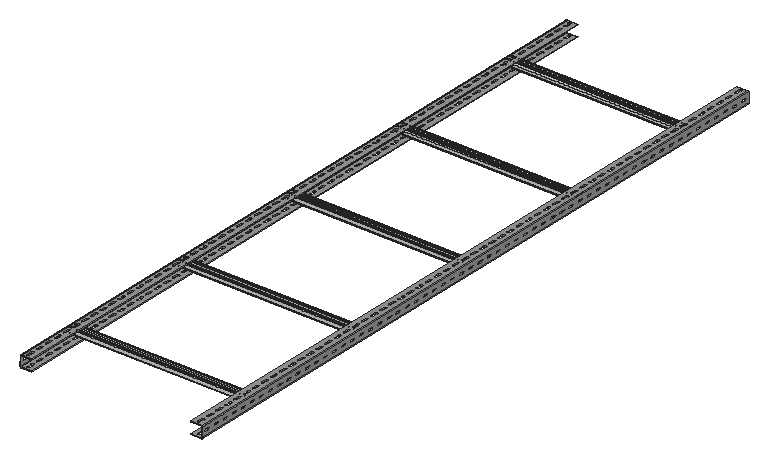
Revit family "steigeleiter_8_FT_FTSO_FTK_A2_A4.800rfa", category Generic Models, Revit 2017 (continued)
Forms (mm)
  Extrusion 150, void
    sketch origin (0, 1400, 0) x (1, 0, 0) y (0, 1, 0)
      loop
        arc (-380.5, 15.5) -> (-375, 10) -> (-369.5, 15.5) r 5.5
        line (-369.5, 15.5) -> (-369.5, 34.5)
        arc (-369.5, 34.5) -> (-375, 40) -> (-380.5, 34.5) r 5.5
        line (-380.5, 34.5) -> (-380.5, 15.5)
    from 0 to 2.5
  Extrusion 151, void
    sketch origin (0, 1450, 0) x (1, 0, 0) y (0, 1, 0)
      loop
        arc (-380.5, 15.5) -> (-375, 10) -> (-369.5, 15.5) r 5.5
        line (-369.5, 15.5) -> (-369.5, 34.5)
        arc (-369.5, 34.5) -> (-375, 40) -> (-380.5, 34.5) r 5.5
        line (-380.5, 34.5) -> (-380.5, 15.5)
    from 0 to 2.5
  Extrusion 152, void
    sketch origin (0, 1500, 0) x (1, 0, 0) y (0, 1, 0)
      loop
        arc (-380.5, 15.5) -> (-375, 10) -> (-369.5, 15.5) r 5.5
        line (-369.5, 15.5) -> (-369.5, 34.5)
        arc (-369.5, 34.5) -> (-375, 40) -> (-380.5, 34.5) r 5.5
        line (-380.5, 34.5) -> (-380.5, 15.5)
    from 0 to 2.5
  Extrusion 153, void
    sketch origin (0, 1550, 0) x (1, 0, 0) y (0, 1, 0)
      loop
        arc (-380.5, 15.5) -> (-375, 10) -> (-369.5, 15.5) r 5.5
        line (-369.5, 15.5) -> (-369.5, 34.5)
        arc (-369.5, 34.5) -> (-375, 40) -> (-380.5, 34.5) r 5.5
        line (-380.5, 34.5) -> (-380.5, 15.5)
    from 0 to 2.5
  Extrusion 154, void
    sketch origin (0, 1600, 0) x (1, 0, 0) y (0, 1, 0)
      loop
        arc (-380.5, 15.5) -> (-375, 10) -> (-369.5, 15.5) r 5.5
        line (-369.5, 15.5) -> (-369.5, 34.5)
        arc (-369.5, 34.5) -> (-375, 40) -> (-380.5, 34.5) r 5.5
        line (-380.5, 34.5) -> (-380.5, 15.5)
    from 0 to 2.5
  Extrusion 155, void
    sketch origin (0, 1650, 0) x (1, 0, 0) y (0, 1, 0)
      loop
        arc (-380.5, 15.5) -> (-375, 10) -> (-369.5, 15.5) r 5.5
        line (-369.5, 15.5) -> (-369.5, 34.5)
        arc (-369.5, 34.5) -> (-375, 40) -> (-380.5, 34.5) r 5.5
        line (-380.5, 34.5) -> (-380.5, 15.5)
    from 0 to 2.5
  Extrusion 156, void
    sketch origin (0, 1700, 0) x (1, 0, 0) y (0, 1, 0)
      loop
        arc (-380.5, 15.5) -> (-375, 10) -> (-369.5, 15.5) r 5.5
        line (-369.5, 15.5) -> (-369.5, 34.5)
        arc (-369.5, 34.5) -> (-375, 40) -> (-380.5, 34.5) r 5.5
        line (-380.5, 34.5) -> (-380.5, 15.5)
    from 0 to 2.5
  Extrusion 157, void
    sketch origin (0, 1750, 0) x (1, 0, 0) y (0, 1, 0)
      loop
        arc (-380.5, 15.5) -> (-375, 10) -> (-369.5, 15.5) r 5.5
        line (-369.5, 15.5) -> (-369.5, 34.5)
        arc (-369.5, 34.5) -> (-375, 40) -> (-380.5, 34.5) r 5.5
        line (-380.5, 34.5) -> (-380.5, 15.5)
    from 0 to 2.5
  Extrusion 158, void
    sketch origin (0, 1800, 0) x (1, 0, 0) y (0, 1, 0)
      loop
        arc (-380.5, 15.5) -> (-375, 10) -> (-369.5, 15.5) r 5.5
        line (-369.5, 15.5) -> (-369.5, 34.5)
        arc (-369.5, 34.5) -> (-375, 40) -> (-380.5, 34.5) r 5.5
        line (-380.5, 34.5) -> (-380.5, 15.5)
    from 0 to 2.5
  Extrusion 159, void
    sketch origin (0, 1850, 0) x (1, 0, 0) y (0, 1, 0)
      loop
        arc (-380.5, 15.5) -> (-375, 10) -> (-369.5, 15.5) r 5.5
        line (-369.5, 15.5) -> (-369.5, 34.5)
        arc (-369.5, 34.5) -> (-375, 40) -> (-380.5, 34.5) r 5.5
        line (-380.5, 34.5) -> (-380.5, 15.5)
    from 0 to 2.5
  Extrusion 160, void
    sketch origin (0, 1900, 0) x (1, 0, 0) y (0, 1, 0)
      loop
        arc (-380.5, 15.5) -> (-375, 10) -> (-369.5, 15.5) r 5.5
        line (-369.5, 15.5) -> (-369.5, 34.5)
        arc (-369.5, 34.5) -> (-375, 40) -> (-380.5, 34.5) r 5.5
        line (-380.5, 34.5) -> (-380.5, 15.5)
    from 0 to 2.5
  Extrusion 161, void
    sketch origin (0, 1950, 0) x (1, 0, 0) y (0, 1, 0)
      loop
        arc (-380.5, 15.5) -> (-375, 10) -> (-369.5, 15.5) r 5.5
        line (-369.5, 15.5) -> (-369.5, 34.5)
        arc (-369.5, 34.5) -> (-375, 40) -> (-380.5, 34.5) r 5.5
        line (-380.5, 34.5) -> (-380.5, 15.5)
    from 0 to 2.5
  Extrusion 162, void
    sketch origin (0, 2000, 0) x (1, 0, 0) y (0, 1, 0)
      loop
        arc (-380.5, 15.5) -> (-375, 10) -> (-369.5, 15.5) r 5.5
        line (-369.5, 15.5) -> (-369.5, 34.5)
        arc (-369.5, 34.5) -> (-375, 40) -> (-380.5, 34.5) r 5.5
        line (-380.5, 34.5) -> (-380.5, 15.5)
    from 0 to 2.5
  Extrusion 163, void
    sketch origin (0, 2050, 0) x (1, 0, 0) y (0, 1, 0)
      loop
        arc (-380.5, 15.5) -> (-375, 10) -> (-369.5, 15.5) r 5.5
        line (-369.5, 15.5) -> (-369.5, 34.5)
        arc (-369.5, 34.5) -> (-375, 40) -> (-380.5, 34.5) r 5.5
        line (-380.5, 34.5) -> (-380.5, 15.5)
    from 0 to 2.5
  Extrusion 164, void
    sketch origin (0, 2100, 0) x (1, 0, 0) y (0, 1, 0)
      loop
        arc (-380.5, 15.5) -> (-375, 10) -> (-369.5, 15.5) r 5.5
        line (-369.5, 15.5) -> (-369.5, 34.5)
        arc (-369.5, 34.5) -> (-375, 40) -> (-380.5, 34.5) r 5.5
        line (-380.5, 34.5) -> (-380.5, 15.5)
    from 0 to 2.5
  Extrusion 165, void
    sketch origin (0, 2150, 0) x (1, 0, 0) y (0, 1, 0)
      loop
        arc (-380.5, 15.5) -> (-375, 10) -> (-369.5, 15.5) r 5.5
        line (-369.5, 15.5) -> (-369.5, 34.5)
        arc (-369.5, 34.5) -> (-375, 40) -> (-380.5, 34.5) r 5.5
        line (-380.5, 34.5) -> (-380.5, 15.5)
    from 0 to 2.5
  Extrusion 166, void
    sketch origin (0, 2200, 0) x (1, 0, 0) y (0, 1, 0)
      loop
        arc (-380.5, 15.5) -> (-375, 10) -> (-369.5, 15.5) r 5.5
        line (-369.5, 15.5) -> (-369.5, 34.5)
        arc (-369.5, 34.5) -> (-375, 40) -> (-380.5, 34.5) r 5.5
        line (-380.5, 34.5) -> (-380.5, 15.5)
    from 0 to 2.5
  Extrusion 167, void
    sketch origin (0, 2250, 0) x (1, 0, 0) y (0, 1, 0)
      loop
        arc (-380.5, 15.5) -> (-375, 10) -> (-369.5, 15.5) r 5.5
        line (-369.5, 15.5) -> (-369.5, 34.5)
        arc (-369.5, 34.5) -> (-375, 40) -> (-380.5, 34.5) r 5.5
        line (-380.5, 34.5) -> (-380.5, 15.5)
    from 0 to 2.5
  Extrusion 168, void
    sketch origin (0, 2300, 0) x (1, 0, 0) y (0, 1, 0)
      loop
        arc (-380.5, 15.5) -> (-375, 10) -> (-369.5, 15.5) r 5.5
        line (-369.5, 15.5) -> (-369.5, 34.5)
        arc (-369.5, 34.5) -> (-375, 40) -> (-380.5, 34.5) r 5.5
        line (-380.5, 34.5) -> (-380.5, 15.5)
    from 0 to 2.5
  Extrusion 169, void
    sketch origin (0, 2350, 0) x (1, 0, 0) y (0, 1, 0)
      loop
        arc (-380.5, 15.5) -> (-375, 10) -> (-369.5, 15.5) r 5.5
        line (-369.5, 15.5) -> (-369.5, 34.5)
        arc (-369.5, 34.5) -> (-375, 40) -> (-380.5, 34.5) r 5.5
        line (-380.5, 34.5) -> (-380.5, 15.5)
    from 0 to 2.5
  Extrusion 170, void
    sketch origin (0, 2400, 0) x (1, 0, 0) y (0, 1, 0)
      loop
        arc (-380.5, 15.5) -> (-375, 10) -> (-369.5, 15.5) r 5.5
        line (-369.5, 15.5) -> (-369.5, 34.5)
        arc (-369.5, 34.5) -> (-375, 40) -> (-380.5, 34.5) r 5.5
        line (-380.5, 34.5) -> (-380.5, 15.5)
    from 0 to 2.5
  Extrusion 171, void
    sketch origin (0, 2450, 0) x (1, 0, 0) y (0, 1, 0)
      loop
        arc (-380.5, 15.5) -> (-375, 10) -> (-369.5, 15.5) r 5.5
        line (-369.5, 15.5) -> (-369.5, 34.5)
        arc (-369.5, 34.5) -> (-375, 40) -> (-380.5, 34.5) r 5.5
        line (-380.5, 34.5) -> (-380.5, 15.5)
    from 0 to 2.5
  Extrusion 172, void
    sketch origin (0, 2500, 0) x (1, 0, 0) y (0, 1, 0)
      loop
        arc (-380.5, 15.5) -> (-375, 10) -> (-369.5, 15.5) r 5.5
        line (-369.5, 15.5) -> (-369.5, 34.5)
        arc (-369.5, 34.5) -> (-375, 40) -> (-380.5, 34.5) r 5.5
        line (-380.5, 34.5) -> (-380.5, 15.5)
    from 0 to 2.5
  Extrusion 173, void
    sketch origin (0, 2550, 0) x (1, 0, 0) y (0, 1, 0)
      loop
        arc (-380.5, 15.5) -> (-375, 10) -> (-369.5, 15.5) r 5.5
        line (-369.5, 15.5) -> (-369.5, 34.5)
        arc (-369.5, 34.5) -> (-375, 40) -> (-380.5, 34.5) r 5.5
        line (-380.5, 34.5) -> (-380.5, 15.5)
    from 0 to 2.5
  Extrusion 174, void
    sketch origin (0, 2600, 0) x (1, 0, 0) y (0, 1, 0)
      loop
        arc (-380.5, 15.5) -> (-375, 10) -> (-369.5, 15.5) r 5.5
        line (-369.5, 15.5) -> (-369.5, 34.5)
        arc (-369.5, 34.5) -> (-375, 40) -> (-380.5, 34.5) r 5.5
        line (-380.5, 34.5) -> (-380.5, 15.5)
    from 0 to 2.5
  Extrusion 175, void
    sketch origin (0, 2650, 0) x (1, 0, 0) y (0, 1, 0)
      loop
        arc (-380.5, 15.5) -> (-375, 10) -> (-369.5, 15.5) r 5.5
        line (-369.5, 15.5) -> (-369.5, 34.5)
        arc (-369.5, 34.5) -> (-375, 40) -> (-380.5, 34.5) r 5.5
        line (-380.5, 34.5) -> (-380.5, 15.5)
    from 0 to 2.5
  Extrusion 176, void
    sketch origin (0, 2700, 0) x (1, 0, 0) y (0, 1, 0)
      loop
        arc (-380.5, 15.5) -> (-375, 10) -> (-369.5, 15.5) r 5.5
        line (-369.5, 15.5) -> (-369.5, 34.5)
        arc (-369.5, 34.5) -> (-375, 40) -> (-380.5, 34.5) r 5.5
        line (-380.5, 34.5) -> (-380.5, 15.5)
    from 0 to 2.5
  Extrusion 177, void
    sketch origin (0, 2750, 0) x (1, 0, 0) y (0, 1, 0)
      loop
        arc (-380.5, 15.5) -> (-375, 10) -> (-369.5, 15.5) r 5.5
        line (-369.5, 15.5) -> (-369.5, 34.5)
        arc (-369.5, 34.5) -> (-375, 40) -> (-380.5, 34.5) r 5.5
        line (-380.5, 34.5) -> (-380.5, 15.5)
    from 0 to 2.5
  Extrusion 178, void
    sketch origin (0, 2800, 0) x (1, 0, 0) y (0, 1, 0)
      loop
        arc (-380.5, 15.5) -> (-375, 10) -> (-369.5, 15.5) r 5.5
        line (-369.5, 15.5) -> (-369.5, 34.5)
        arc (-369.5, 34.5) -> (-375, 40) -> (-380.5, 34.5) r 5.5
        line (-380.5, 34.5) -> (-380.5, 15.5)
    from 0 to 2.5
  Extrusion 179, void
    sketch origin (0, 2850, 0) x (1, 0, 0) y (0, 1, 0)
      loop
        arc (-380.5, 15.5) -> (-375, 10) -> (-369.5, 15.5) r 5.5
        line (-369.5, 15.5) -> (-369.5, 34.5)
        arc (-369.5, 34.5) -> (-375, 40) -> (-380.5, 34.5) r 5.5
        line (-380.5, 34.5) -> (-380.5, 15.5)
    from 0 to 2.5
  Extrusion 180, void
    sketch origin (0, 2900, 0) x (1, 0, 0) y (0, 1, 0)
      loop
        arc (-380.5, 15.5) -> (-375, 10) -> (-369.5, 15.5) r 5.5
        line (-369.5, 15.5) -> (-369.5, 34.5)
        arc (-369.5, 34.5) -> (-375, 40) -> (-380.5, 34.5) r 5.5
        line (-380.5, 34.5) -> (-380.5, 15.5)
    from 0 to 2.5
  Extrusion 181, void
    sketch origin (0, 2950, 0) x (1, 0, 0) y (0, 1, 0)
      loop
        arc (-380.5, 15.5) -> (-375, 10) -> (-369.5, 15.5) r 5.5
        line (-369.5, 15.5) -> (-369.5, 34.5)
        arc (-369.5, 34.5) -> (-375, 40) -> (-380.5, 34.5) r 5.5
        line (-380.5, 34.5) -> (-380.5, 15.5)
    from 0 to 2.5
  Extrusion 182, void
    sketch origin (0, 0, 0) x (1, 0, 0) y (0, 1, 0)
      loop
        arc (369.5, 15.5) -> (375, 10) -> (380.5, 15.5) r 5.5
        line (380.5, 15.5) -> (380.5, 34.5)
        arc (380.5, 34.5) -> (375, 40) -> (369.5, 34.5) r 5.5
        line (369.5, 34.5) -> (369.5, 15.5)
    from 0 to 2.5
  Extrusion 183, void
    sketch origin (0, 50, 0) x (1, 0, 0) y (0, 1, 0)
      loop
        arc (369.5, 15.5) -> (375, 10) -> (380.5, 15.5) r 5.5
        line (380.5, 15.5) -> (380.5, 34.5)
        arc (380.5, 34.5) -> (375, 40) -> (369.5, 34.5) r 5.5
        line (369.5, 34.5) -> (369.5, 15.5)
    from 0 to 2.5
  Extrusion 184, void
    sketch origin (0, 100, 0) x (1, 0, 0) y (0, 1, 0)
      loop
        arc (369.5, 15.5) -> (375, 10) -> (380.5, 15.5) r 5.5
        line (380.5, 15.5) -> (380.5, 34.5)
        arc (380.5, 34.5) -> (375, 40) -> (369.5, 34.5) r 5.5
        line (369.5, 34.5) -> (369.5, 15.5)
    from 0 to 2.5
  Extrusion 185, void
    sketch origin (0, 150, 0) x (1, 0, 0) y (0, 1, 0)
      loop
        arc (369.5, 15.5) -> (375, 10) -> (380.5, 15.5) r 5.5
        line (380.5, 15.5) -> (380.5, 34.5)
        arc (380.5, 34.5) -> (375, 40) -> (369.5, 34.5) r 5.5
        line (369.5, 34.5) -> (369.5, 15.5)
    from 0 to 2.5
  Extrusion 186, void
    sketch origin (0, 200, 0) x (1, 0, 0) y (0, 1, 0)
      loop
        arc (369.5, 15.5) -> (375, 10) -> (380.5, 15.5) r 5.5
        line (380.5, 15.5) -> (380.5, 34.5)
        arc (380.5, 34.5) -> (375, 40) -> (369.5, 34.5) r 5.5
        line (369.5, 34.5) -> (369.5, 15.5)
    from 0 to 2.5
  Extrusion 187, void
    sketch origin (0, 250, 0) x (1, 0, 0) y (0, 1, 0)
      loop
        arc (369.5, 15.5) -> (375, 10) -> (380.5, 15.5) r 5.5
        line (380.5, 15.5) -> (380.5, 34.5)
        arc (380.5, 34.5) -> (375, 40) -> (369.5, 34.5) r 5.5
        line (369.5, 34.5) -> (369.5, 15.5)
    from 0 to 2.5
  Extrusion 188, void
    sketch origin (0, 300, 0) x (1, 0, 0) y (0, 1, 0)
      loop
        arc (369.5, 15.5) -> (375, 10) -> (380.5, 15.5) r 5.5
        line (380.5, 15.5) -> (380.5, 34.5)
        arc (380.5, 34.5) -> (375, 40) -> (369.5, 34.5) r 5.5
        line (369.5, 34.5) -> (369.5, 15.5)
    from 0 to 2.5
  Extrusion 189, void
    sketch origin (0, 350, 0) x (1, 0, 0) y (0, 1, 0)
      loop
        arc (369.5, 15.5) -> (375, 10) -> (380.5, 15.5) r 5.5
        line (380.5, 15.5) -> (380.5, 34.5)
        arc (380.5, 34.5) -> (375, 40) -> (369.5, 34.5) r 5.5
        line (369.5, 34.5) -> (369.5, 15.5)
    from 0 to 2.5
  Extrusion 190, void
    sketch origin (0, 400, 0) x (1, 0, 0) y (0, 1, 0)
      loop
        arc (369.5, 15.5) -> (375, 10) -> (380.5, 15.5) r 5.5
        line (380.5, 15.5) -> (380.5, 34.5)
        arc (380.5, 34.5) -> (375, 40) -> (369.5, 34.5) r 5.5
        line (369.5, 34.5) -> (369.5, 15.5)
    from 0 to 2.5
  Extrusion 191, void
    sketch origin (0, 450, 0) x (1, 0, 0) y (0, 1, 0)
      loop
        arc (369.5, 15.5) -> (375, 10) -> (380.5, 15.5) r 5.5
        line (380.5, 15.5) -> (380.5, 34.5)
        arc (380.5, 34.5) -> (375, 40) -> (369.5, 34.5) r 5.5
        line (369.5, 34.5) -> (369.5, 15.5)
    from 0 to 2.5
  Extrusion 192, void
    sketch origin (0, 500, 0) x (1, 0, 0) y (0, 1, 0)
      loop
        arc (369.5, 15.5) -> (375, 10) -> (380.5, 15.5) r 5.5
        line (380.5, 15.5) -> (380.5, 34.5)
        arc (380.5, 34.5) -> (375, 40) -> (369.5, 34.5) r 5.5
        line (369.5, 34.5) -> (369.5, 15.5)
    from 0 to 2.5
  Extrusion 193, void
    sketch origin (0, 550, 0) x (1, 0, 0) y (0, 1, 0)
      loop
        arc (369.5, 15.5) -> (375, 10) -> (380.5, 15.5) r 5.5
        line (380.5, 15.5) -> (380.5, 34.5)
        arc (380.5, 34.5) -> (375, 40) -> (369.5, 34.5) r 5.5
        line (369.5, 34.5) -> (369.5, 15.5)
    from 0 to 2.5
  Extrusion 194, void
    sketch origin (0, 600, 0) x (1, 0, 0) y (0, 1, 0)
      loop
        arc (369.5, 15.5) -> (375, 10) -> (380.5, 15.5) r 5.5
        line (380.5, 15.5) -> (380.5, 34.5)
        arc (380.5, 34.5) -> (375, 40) -> (369.5, 34.5) r 5.5
        line (369.5, 34.5) -> (369.5, 15.5)
    from 0 to 2.5
  Extrusion 195, void
    sketch origin (0, 650, 0) x (1, 0, 0) y (0, 1, 0)
      loop
        arc (369.5, 15.5) -> (375, 10) -> (380.5, 15.5) r 5.5
        line (380.5, 15.5) -> (380.5, 34.5)
        arc (380.5, 34.5) -> (375, 40) -> (369.5, 34.5) r 5.5
        line (369.5, 34.5) -> (369.5, 15.5)
    from 0 to 2.5
  Extrusion 196, void
    sketch origin (0, 700, 0) x (1, 0, 0) y (0, 1, 0)
      loop
        arc (369.5, 15.5) -> (375, 10) -> (380.5, 15.5) r 5.5
        line (380.5, 15.5) -> (380.5, 34.5)
        arc (380.5, 34.5) -> (375, 40) -> (369.5, 34.5) r 5.5
        line (369.5, 34.5) -> (369.5, 15.5)
    from 0 to 2.5
  Extrusion 197, void
    sketch origin (0, 750, 0) x (1, 0, 0) y (0, 1, 0)
      loop
        arc (369.5, 15.5) -> (375, 10) -> (380.5, 15.5) r 5.5
        line (380.5, 15.5) -> (380.5, 34.5)
        arc (380.5, 34.5) -> (375, 40) -> (369.5, 34.5) r 5.5
        line (369.5, 34.5) -> (369.5, 15.5)
    from 0 to 2.5
  Extrusion 198, void
    sketch origin (0, 800, 0) x (1, 0, 0) y (0, 1, 0)
      loop
        arc (369.5, 15.5) -> (375, 10) -> (380.5, 15.5) r 5.5
        line (380.5, 15.5) -> (380.5, 34.5)
        arc (380.5, 34.5) -> (375, 40) -> (369.5, 34.5) r 5.5
        line (369.5, 34.5) -> (369.5, 15.5)
    from 0 to 2.5
  Extrusion 199, void
    sketch origin (0, 850, 0) x (1, 0, 0) y (0, 1, 0)
      loop
        arc (369.5, 15.5) -> (375, 10) -> (380.5, 15.5) r 5.5
        line (380.5, 15.5) -> (380.5, 34.5)
        arc (380.5, 34.5) -> (375, 40) -> (369.5, 34.5) r 5.5
        line (369.5, 34.5) -> (369.5, 15.5)
    from 0 to 2.5
  Extrusion 200, void
    sketch origin (0, 900, 0) x (1, 0, 0) y (0, 1, 0)
      loop
        arc (369.5, 15.5) -> (375, 10) -> (380.5, 15.5) r 5.5
        line (380.5, 15.5) -> (380.5, 34.5)
        arc (380.5, 34.5) -> (375, 40) -> (369.5, 34.5) r 5.5
        line (369.5, 34.5) -> (369.5, 15.5)
    from 0 to 2.5
  Extrusion 201, void
    sketch origin (0, 950, 0) x (1, 0, 0) y (0, 1, 0)
      loop
        arc (369.5, 15.5) -> (375, 10) -> (380.5, 15.5) r 5.5
        line (380.5, 15.5) -> (380.5, 34.5)
        arc (380.5, 34.5) -> (375, 40) -> (369.5, 34.5) r 5.5
        line (369.5, 34.5) -> (369.5, 15.5)
    from 0 to 2.5
  Extrusion 202, void
    sketch origin (0, 1000, 0) x (1, 0, 0) y (0, 1, 0)
      loop
        arc (369.5, 15.5) -> (375, 10) -> (380.5, 15.5) r 5.5
        line (380.5, 15.5) -> (380.5, 34.5)
        arc (380.5, 34.5) -> (375, 40) -> (369.5, 34.5) r 5.5
        line (369.5, 34.5) -> (369.5, 15.5)
    from 0 to 2.5
  Extrusion 203, void
    sketch origin (0, 1050, 0) x (1, 0, 0) y (0, 1, 0)
      loop
        arc (369.5, 15.5) -> (375, 10) -> (380.5, 15.5) r 5.5
        line (380.5, 15.5) -> (380.5, 34.5)
        arc (380.5, 34.5) -> (375, 40) -> (369.5, 34.5) r 5.5
        line (369.5, 34.5) -> (369.5, 15.5)
    from 0 to 2.5
  Extrusion 204, void
    sketch origin (0, 1100, 0) x (1, 0, 0) y (0, 1, 0)
      loop
        arc (369.5, 15.5) -> (375, 10) -> (380.5, 15.5) r 5.5
        line (380.5, 15.5) -> (380.5, 34.5)
        arc (380.5, 34.5) -> (375, 40) -> (369.5, 34.5) r 5.5
        line (369.5, 34.5) -> (369.5, 15.5)
    from 0 to 2.5
  Extrusion 205, void
    sketch origin (0, 1150, 0) x (1, 0, 0) y (0, 1, 0)
      loop
        arc (369.5, 15.5) -> (375, 10) -> (380.5, 15.5) r 5.5
        line (380.5, 15.5) -> (380.5, 34.5)
        arc (380.5, 34.5) -> (375, 40) -> (369.5, 34.5) r 5.5
        line (369.5, 34.5) -> (369.5, 15.5)
    from 0 to 2.5
  Extrusion 206, void
    sketch origin (0, 1200, 0) x (1, 0, 0) y (0, 1, 0)
      loop
        arc (369.5, 15.5) -> (375, 10) -> (380.5, 15.5) r 5.5
        line (380.5, 15.5) -> (380.5, 34.5)
        arc (380.5, 34.5) -> (375, 40) -> (369.5, 34.5) r 5.5
        line (369.5, 34.5) -> (369.5, 15.5)
    from 0 to 2.5
  Extrusion 207, void
    sketch origin (0, 1250, 0) x (1, 0, 0) y (0, 1, 0)
      loop
        arc (369.5, 15.5) -> (375, 10) -> (380.5, 15.5) r 5.5
        line (380.5, 15.5) -> (380.5, 34.5)
        arc (380.5, 34.5) -> (375, 40) -> (369.5, 34.5) r 5.5
        line (369.5, 34.5) -> (369.5, 15.5)
    from 0 to 2.5
  Extrusion 208, void
    sketch origin (0, 1300, 0) x (1, 0, 0) y (0, 1, 0)
      loop
        arc (369.5, 15.5) -> (375, 10) -> (380.5, 15.5) r 5.5
        line (380.5, 15.5) -> (380.5, 34.5)
        arc (380.5, 34.5) -> (375, 40) -> (369.5, 34.5) r 5.5
        line (369.5, 34.5) -> (369.5, 15.5)
    from 0 to 2.5
  Extrusion 209, void
    sketch origin (0, 1350, 0) x (1, 0, 0) y (0, 1, 0)
      loop
        arc (369.5, 15.5) -> (375, 10) -> (380.5, 15.5) r 5.5
        line (380.5, 15.5) -> (380.5, 34.5)
        arc (380.5, 34.5) -> (375, 40) -> (369.5, 34.5) r 5.5
        line (369.5, 34.5) -> (369.5, 15.5)
    from 0 to 2.5
  Extrusion 210, void
    sketch origin (0, 1400, 0) x (1, 0, 0) y (0, 1, 0)
      loop
        arc (369.5, 15.5) -> (375, 10) -> (380.5, 15.5) r 5.5
        line (380.5, 15.5) -> (380.5, 34.5)
        arc (380.5, 34.5) -> (375, 40) -> (369.5, 34.5) r 5.5
        line (369.5, 34.5) -> (369.5, 15.5)
    from 0 to 2.5
  Extrusion 211, void
    sketch origin (0, 1450, 0) x (1, 0, 0) y (0, 1, 0)
      loop
        arc (369.5, 15.5) -> (375, 10) -> (380.5, 15.5) r 5.5
        line (380.5, 15.5) -> (380.5, 34.5)
        arc (380.5, 34.5) -> (375, 40) -> (369.5, 34.5) r 5.5
        line (369.5, 34.5) -> (369.5, 15.5)
    from 0 to 2.5
  Extrusion 212, void
    sketch origin (0, 1500, 0) x (1, 0, 0) y (0, 1, 0)
      loop
        arc (369.5, 15.5) -> (375, 10) -> (380.5, 15.5) r 5.5
        line (380.5, 15.5) -> (380.5, 34.5)
        arc (380.5, 34.5) -> (375, 40) -> (369.5, 34.5) r 5.5
        line (369.5, 34.5) -> (369.5, 15.5)
    from 0 to 2.5
  Extrusion 213, void
    sketch origin (0, 1550, 0) x (1, 0, 0) y (0, 1, 0)
      loop
        arc (369.5, 15.5) -> (375, 10) -> (380.5, 15.5) r 5.5
        line (380.5, 15.5) -> (380.5, 34.5)
        arc (380.5, 34.5) -> (375, 40) -> (369.5, 34.5) r 5.5
        line (369.5, 34.5) -> (369.5, 15.5)
    from 0 to 2.5
  Extrusion 214, void
    sketch origin (0, 1600, 0) x (1, 0, 0) y (0, 1, 0)
      loop
        arc (369.5, 15.5) -> (375, 10) -> (380.5, 15.5) r 5.5
        line (380.5, 15.5) -> (380.5, 34.5)
        arc (380.5, 34.5) -> (375, 40) -> (369.5, 34.5) r 5.5
        line (369.5, 34.5) -> (369.5, 15.5)
    from 0 to 2.5
  Extrusion 215, void
    sketch origin (0, 1650, 0) x (1, 0, 0) y (0, 1, 0)
      loop
        arc (369.5, 15.5) -> (375, 10) -> (380.5, 15.5) r 5.5
        line (380.5, 15.5) -> (380.5, 34.5)
        arc (380.5, 34.5) -> (375, 40) -> (369.5, 34.5) r 5.5
        line (369.5, 34.5) -> (369.5, 15.5)
    from 0 to 2.5
  Extrusion 216, void
    sketch origin (0, 1700, 0) x (1, 0, 0) y (0, 1, 0)
      loop
        arc (369.5, 15.5) -> (375, 10) -> (380.5, 15.5) r 5.5
        line (380.5, 15.5) -> (380.5, 34.5)
        arc (380.5, 34.5) -> (375, 40) -> (369.5, 34.5) r 5.5
        line (369.5, 34.5) -> (369.5, 15.5)
    from 0 to 2.5
  Extrusion 217, void
    sketch origin (0, 1750, 0) x (1, 0, 0) y (0, 1, 0)
      loop
        arc (369.5, 15.5) -> (375, 10) -> (380.5, 15.5) r 5.5
        line (380.5, 15.5) -> (380.5, 34.5)
        arc (380.5, 34.5) -> (375, 40) -> (369.5, 34.5) r 5.5
        line (369.5, 34.5) -> (369.5, 15.5)
    from 0 to 2.5
  Extrusion 218, void
    sketch origin (0, 1800, 0) x (1, 0, 0) y (0, 1, 0)
      loop
        arc (369.5, 15.5) -> (375, 10) -> (380.5, 15.5) r 5.5
        line (380.5, 15.5) -> (380.5, 34.5)
        arc (380.5, 34.5) -> (375, 40) -> (369.5, 34.5) r 5.5
        line (369.5, 34.5) -> (369.5, 15.5)
    from 0 to 2.5
  Extrusion 219, void
    sketch origin (0, 1850, 0) x (1, 0, 0) y (0, 1, 0)
      loop
        arc (369.5, 15.5) -> (375, 10) -> (380.5, 15.5) r 5.5
        line (380.5, 15.5) -> (380.5, 34.5)
        arc (380.5, 34.5) -> (375, 40) -> (369.5, 34.5) r 5.5
        line (369.5, 34.5) -> (369.5, 15.5)
    from 0 to 2.5
  Extrusion 220, void
    sketch origin (0, 1900, 0) x (1, 0, 0) y (0, 1, 0)
      loop
        arc (369.5, 15.5) -> (375, 10) -> (380.5, 15.5) r 5.5
        line (380.5, 15.5) -> (380.5, 34.5)
        arc (380.5, 34.5) -> (375, 40) -> (369.5, 34.5) r 5.5
        line (369.5, 34.5) -> (369.5, 15.5)
    from 0 to 2.5
  Extrusion 221, void
    sketch origin (0, 1950, 0) x (1, 0, 0) y (0, 1, 0)
      loop
        arc (369.5, 15.5) -> (375, 10) -> (380.5, 15.5) r 5.5
        line (380.5, 15.5) -> (380.5, 34.5)
        arc (380.5, 34.5) -> (375, 40) -> (369.5, 34.5) r 5.5
        line (369.5, 34.5) -> (369.5, 15.5)
    from 0 to 2.5
  Extrusion 222, void
    sketch origin (0, 2000, 0) x (1, 0, 0) y (0, 1, 0)
      loop
        arc (369.5, 15.5) -> (375, 10) -> (380.5, 15.5) r 5.5
        line (380.5, 15.5) -> (380.5, 34.5)
        arc (380.5, 34.5) -> (375, 40) -> (369.5, 34.5) r 5.5
        line (369.5, 34.5) -> (369.5, 15.5)
    from 0 to 2.5
  Extrusion 223, void
    sketch origin (0, 2050, 0) x (1, 0, 0) y (0, 1, 0)
      loop
        arc (369.5, 15.5) -> (375, 10) -> (380.5, 15.5) r 5.5
        line (380.5, 15.5) -> (380.5, 34.5)
        arc (380.5, 34.5) -> (375, 40) -> (369.5, 34.5) r 5.5
        line (369.5, 34.5) -> (369.5, 15.5)
    from 0 to 2.5
  Extrusion 224, void
    sketch origin (0, 2100, 0) x (1, 0, 0) y (0, 1, 0)
      loop
        arc (369.5, 15.5) -> (375, 10) -> (380.5, 15.5) r 5.5
        line (380.5, 15.5) -> (380.5, 34.5)
        arc (380.5, 34.5) -> (375, 40) -> (369.5, 34.5) r 5.5
        line (369.5, 34.5) -> (369.5, 15.5)
    from 0 to 2.5
  Extrusion 225, void
    sketch origin (0, 2150, 0) x (1, 0, 0) y (0, 1, 0)
      loop
        arc (369.5, 15.5) -> (375, 10) -> (380.5, 15.5) r 5.5
        line (380.5, 15.5) -> (380.5, 34.5)
        arc (380.5, 34.5) -> (375, 40) -> (369.5, 34.5) r 5.5
        line (369.5, 34.5) -> (369.5, 15.5)
    from 0 to 2.5
  Extrusion 226, void
    sketch origin (0, 2200, 0) x (1, 0, 0) y (0, 1, 0)
      loop
        arc (369.5, 15.5) -> (375, 10) -> (380.5, 15.5) r 5.5
        line (380.5, 15.5) -> (380.5, 34.5)
        arc (380.5, 34.5) -> (375, 40) -> (369.5, 34.5) r 5.5
        line (369.5, 34.5) -> (369.5, 15.5)
    from 0 to 2.5
  Extrusion 227, void
    sketch origin (0, 2250, 0) x (1, 0, 0) y (0, 1, 0)
      loop
        arc (369.5, 15.5) -> (375, 10) -> (380.5, 15.5) r 5.5
        line (380.5, 15.5) -> (380.5, 34.5)
        arc (380.5, 34.5) -> (375, 40) -> (369.5, 34.5) r 5.5
        line (369.5, 34.5) -> (369.5, 15.5)
    from 0 to 2.5
  Extrusion 228, void
    sketch origin (0, 2300, 0) x (1, 0, 0) y (0, 1, 0)
      loop
        arc (369.5, 15.5) -> (375, 10) -> (380.5, 15.5) r 5.5
        line (380.5, 15.5) -> (380.5, 34.5)
        arc (380.5, 34.5) -> (375, 40) -> (369.5, 34.5) r 5.5
        line (369.5, 34.5) -> (369.5, 15.5)
    from 0 to 2.5
  Extrusion 229, void
    sketch origin (0, 2350, 0) x (1, 0, 0) y (0, 1, 0)
      loop
        arc (369.5, 15.5) -> (375, 10) -> (380.5, 15.5) r 5.5
        line (380.5, 15.5) -> (380.5, 34.5)
        arc (380.5, 34.5) -> (375, 40) -> (369.5, 34.5) r 5.5
        line (369.5, 34.5) -> (369.5, 15.5)
    from 0 to 2.5
  Extrusion 230, void
    sketch origin (0, 2400, 0) x (1, 0, 0) y (0, 1, 0)
      loop
        arc (369.5, 15.5) -> (375, 10) -> (380.5, 15.5) r 5.5
        line (380.5, 15.5) -> (380.5, 34.5)
        arc (380.5, 34.5) -> (375, 40) -> (369.5, 34.5) r 5.5
        line (369.5, 34.5) -> (369.5, 15.5)
    from 0 to 2.5
  Extrusion 231, void
    sketch origin (0, 2450, 0) x (1, 0, 0) y (0, 1, 0)
      loop
        arc (369.5, 15.5) -> (375, 10) -> (380.5, 15.5) r 5.5
        line (380.5, 15.5) -> (380.5, 34.5)
        arc (380.5, 34.5) -> (375, 40) -> (369.5, 34.5) r 5.5
        line (369.5, 34.5) -> (369.5, 15.5)
    from 0 to 2.5
  Extrusion 232, void
    sketch origin (0, 2500, 0) x (1, 0, 0) y (0, 1, 0)
      loop
        arc (369.5, 15.5) -> (375, 10) -> (380.5, 15.5) r 5.5
        line (380.5, 15.5) -> (380.5, 34.5)
        arc (380.5, 34.5) -> (375, 40) -> (369.5, 34.5) r 5.5
        line (369.5, 34.5) -> (369.5, 15.5)
    from 0 to 2.5
  Extrusion 233, void
    sketch origin (0, 2550, 0) x (1, 0, 0) y (0, 1, 0)
      loop
        arc (369.5, 15.5) -> (375, 10) -> (380.5, 15.5) r 5.5
        line (380.5, 15.5) -> (380.5, 34.5)
        arc (380.5, 34.5) -> (375, 40) -> (369.5, 34.5) r 5.5
        line (369.5, 34.5) -> (369.5, 15.5)
    from 0 to 2.5
  Extrusion 234, void
    sketch origin (0, 2600, 0) x (1, 0, 0) y (0, 1, 0)
      loop
        arc (369.5, 15.5) -> (375, 10) -> (380.5, 15.5) r 5.5
        line (380.5, 15.5) -> (380.5, 34.5)
        arc (380.5, 34.5) -> (375, 40) -> (369.5, 34.5) r 5.5
        line (369.5, 34.5) -> (369.5, 15.5)
    from 0 to 2.5
  Extrusion 235, void
    sketch origin (0, 2650, 0) x (1, 0, 0) y (0, 1, 0)
      loop
        arc (369.5, 15.5) -> (375, 10) -> (380.5, 15.5) r 5.5
        line (380.5, 15.5) -> (380.5, 34.5)
        arc (380.5, 34.5) -> (375, 40) -> (369.5, 34.5) r 5.5
        line (369.5, 34.5) -> (369.5, 15.5)
    from 0 to 2.5
  Extrusion 236, void
    sketch origin (0, 2700, 0) x (1, 0, 0) y (0, 1, 0)
      loop
        arc (369.5, 15.5) -> (375, 10) -> (380.5, 15.5) r 5.5
        line (380.5, 15.5) -> (380.5, 34.5)
        arc (380.5, 34.5) -> (375, 40) -> (369.5, 34.5) r 5.5
        line (369.5, 34.5) -> (369.5, 15.5)
    from 0 to 2.5
  Extrusion 237, void
    sketch origin (0, 2750, 0) x (1, 0, 0) y (0, 1, 0)
      loop
        arc (369.5, 15.5) -> (375, 10) -> (380.5, 15.5) r 5.5
        line (380.5, 15.5) -> (380.5, 34.5)
        arc (380.5, 34.5) -> (375, 40) -> (369.5, 34.5) r 5.5
        line (369.5, 34.5) -> (369.5, 15.5)
    from 0 to 2.5
  Extrusion 238, void
    sketch origin (0, 2800, 0) x (1, 0, 0) y (0, 1, 0)
      loop
        arc (369.5, 15.5) -> (375, 10) -> (380.5, 15.5) r 5.5
        line (380.5, 15.5) -> (380.5, 34.5)
        arc (380.5, 34.5) -> (375, 40) -> (369.5, 34.5) r 5.5
        line (369.5, 34.5) -> (369.5, 15.5)
    from 0 to 2.5
  Extrusion 239, void
    sketch origin (0, 2850, 0) x (1, 0, 0) y (0, 1, 0)
      loop
        arc (369.5, 15.5) -> (375, 10) -> (380.5, 15.5) r 5.5
        line (380.5, 15.5) -> (380.5, 34.5)
        arc (380.5, 34.5) -> (375, 40) -> (369.5, 34.5) r 5.5
        line (369.5, 34.5) -> (369.5, 15.5)
    from 0 to 2.5
  Extrusion 240, void
    sketch origin (0, 2900, 0) x (1, 0, 0) y (0, 1, 0)
      loop
        arc (369.5, 15.5) -> (375, 10) -> (380.5, 15.5) r 5.5
        line (380.5, 15.5) -> (380.5, 34.5)
        arc (380.5, 34.5) -> (375, 40) -> (369.5, 34.5) r 5.5
        line (369.5, 34.5) -> (369.5, 15.5)
    from 0 to 2.5
  Extrusion 241, void
    sketch origin (0, 2950, 0) x (1, 0, 0) y (0, 1, 0)
      loop
        arc (369.5, 15.5) -> (375, 10) -> (380.5, 15.5) r 5.5
        line (380.5, 15.5) -> (380.5, 34.5)
        arc (380.5, 34.5) -> (375, 40) -> (369.5, 34.5) r 5.5
        line (369.5, 34.5) -> (369.5, 15.5)
    from 0 to 2.5
  Extrusion 242, void
    sketch origin (0, 50, 0) x (0, 1, 0) y (0, 0, 1)
      loop
        line (34.5, 30.5) -> (15.5, 30.5)
        arc (15.5, 30.5) -> (10, 25) -> (15.5, 19.5) r 5.5
        line (15.5, 19.5) -> (34.5, 19.5)
        arc (34.5, 19.5) -> (40, 25) -> (34.5, 30.5) r 5.5
    from -400 to -397.5
  Extrusion 243, void
    sketch origin (0, 100, 0) x (0, 1, 0) y (0, 0, 1)
      loop
        line (34.5, 30.5) -> (15.5, 30.5)
        arc (15.5, 30.5) -> (10, 25) -> (15.5, 19.5) r 5.5
        line (15.5, 19.5) -> (34.5, 19.5)
        arc (34.5, 19.5) -> (40, 25) -> (34.5, 30.5) r 5.5
    from -400 to -397.5
  Extrusion 244, void
    sketch origin (0, 150, 0) x (0, 1, 0) y (0, 0, 1)
      loop
        line (34.5, 30.5) -> (15.5, 30.5)
        arc (15.5, 30.5) -> (10, 25) -> (15.5, 19.5) r 5.5
        line (15.5, 19.5) -> (34.5, 19.5)
        arc (34.5, 19.5) -> (40, 25) -> (34.5, 30.5) r 5.5
    from -400 to -397.5
  Extrusion 245, void
    sketch origin (0, 200, 0) x (0, 1, 0) y (0, 0, 1)
      loop
        line (34.5, 30.5) -> (15.5, 30.5)
        arc (15.5, 30.5) -> (10, 25) -> (15.5, 19.5) r 5.5
        line (15.5, 19.5) -> (34.5, 19.5)
        arc (34.5, 19.5) -> (40, 25) -> (34.5, 30.5) r 5.5
    from -400 to -397.5
  Extrusion 246, void
    sketch origin (0, 250, 0) x (0, 1, 0) y (0, 0, 1)
      loop
        line (34.5, 30.5) -> (15.5, 30.5)
        arc (15.5, 30.5) -> (10, 25) -> (15.5, 19.5) r 5.5
        line (15.5, 19.5) -> (34.5, 19.5)
        arc (34.5, 19.5) -> (40, 25) -> (34.5, 30.5) r 5.5
    from -400 to -397.5
  Extrusion 247, void
    sketch origin (0, 300, 0) x (0, 1, 0) y (0, 0, 1)
      loop
        line (34.5, 30.5) -> (15.5, 30.5)
        arc (15.5, 30.5) -> (10, 25) -> (15.5, 19.5) r 5.5
        line (15.5, 19.5) -> (34.5, 19.5)
        arc (34.5, 19.5) -> (40, 25) -> (34.5, 30.5) r 5.5
    from -400 to -397.5
  Extrusion 248, void
    sketch origin (0, 350, 0) x (0, 1, 0) y (0, 0, 1)
      loop
        line (34.5, 30.5) -> (15.5, 30.5)
        arc (15.5, 30.5) -> (10, 25) -> (15.5, 19.5) r 5.5
        line (15.5, 19.5) -> (34.5, 19.5)
        arc (34.5, 19.5) -> (40, 25) -> (34.5, 30.5) r 5.5
    from -400 to -397.5
  Extrusion 249, void
    sketch origin (0, 400, 0) x (0, 1, 0) y (0, 0, 1)
      loop
        line (34.5, 30.5) -> (15.5, 30.5)
        arc (15.5, 30.5) -> (10, 25) -> (15.5, 19.5) r 5.5
        line (15.5, 19.5) -> (34.5, 19.5)
        arc (34.5, 19.5) -> (40, 25) -> (34.5, 30.5) r 5.5
    from -400 to -397.5
  Extrusion 250, void
    sketch origin (0, 450, 0) x (0, 1, 0) y (0, 0, 1)
      loop
        line (34.5, 30.5) -> (15.5, 30.5)
        arc (15.5, 30.5) -> (10, 25) -> (15.5, 19.5) r 5.5
        line (15.5, 19.5) -> (34.5, 19.5)
        arc (34.5, 19.5) -> (40, 25) -> (34.5, 30.5) r 5.5
    from -400 to -397.5
  Extrusion 251, void
    sketch origin (0, 500, 0) x (0, 1, 0) y (0, 0, 1)
      loop
        line (34.5, 30.5) -> (15.5, 30.5)
        arc (15.5, 30.5) -> (10, 25) -> (15.5, 19.5) r 5.5
        line (15.5, 19.5) -> (34.5, 19.5)
        arc (34.5, 19.5) -> (40, 25) -> (34.5, 30.5) r 5.5
    from -400 to -397.5
  Extrusion 252, void
    sketch origin (0, 550, 0) x (0, 1, 0) y (0, 0, 1)
      loop
        line (34.5, 30.5) -> (15.5, 30.5)
        arc (15.5, 30.5) -> (10, 25) -> (15.5, 19.5) r 5.5
        line (15.5, 19.5) -> (34.5, 19.5)
        arc (34.5, 19.5) -> (40, 25) -> (34.5, 30.5) r 5.5
    from -400 to -397.5
  Extrusion 253, void
    sketch origin (0, 600, 0) x (0, 1, 0) y (0, 0, 1)
      loop
        line (34.5, 30.5) -> (15.5, 30.5)
        arc (15.5, 30.5) -> (10, 25) -> (15.5, 19.5) r 5.5
        line (15.5, 19.5) -> (34.5, 19.5)
        arc (34.5, 19.5) -> (40, 25) -> (34.5, 30.5) r 5.5
    from -400 to -397.5
  Extrusion 254, void
    sketch origin (0, 650, 0) x (0, 1, 0) y (0, 0, 1)
      loop
        line (34.5, 30.5) -> (15.5, 30.5)
        arc (15.5, 30.5) -> (10, 25) -> (15.5, 19.5) r 5.5
        line (15.5, 19.5) -> (34.5, 19.5)
        arc (34.5, 19.5) -> (40, 25) -> (34.5, 30.5) r 5.5
    from -400 to -397.5
  Extrusion 255, void
    sketch origin (0, 700, 0) x (0, 1, 0) y (0, 0, 1)
      loop
        line (34.5, 30.5) -> (15.5, 30.5)
        arc (15.5, 30.5) -> (10, 25) -> (15.5, 19.5) r 5.5
        line (15.5, 19.5) -> (34.5, 19.5)
        arc (34.5, 19.5) -> (40, 25) -> (34.5, 30.5) r 5.5
    from -400 to -397.5
  Extrusion 256, void
    sketch origin (0, 750, 0) x (0, 1, 0) y (0, 0, 1)
      loop
        line (34.5, 30.5) -> (15.5, 30.5)
        arc (15.5, 30.5) -> (10, 25) -> (15.5, 19.5) r 5.5
        line (15.5, 19.5) -> (34.5, 19.5)
        arc (34.5, 19.5) -> (40, 25) -> (34.5, 30.5) r 5.5
    from -400 to -397.5
  Extrusion 257, void
    sketch origin (0, 800, 0) x (0, 1, 0) y (0, 0, 1)
      loop
        line (34.5, 30.5) -> (15.5, 30.5)
        arc (15.5, 30.5) -> (10, 25) -> (15.5, 19.5) r 5.5
        line (15.5, 19.5) -> (34.5, 19.5)
        arc (34.5, 19.5) -> (40, 25) -> (34.5, 30.5) r 5.5
    from -400 to -397.5
  Extrusion 258, void
    sketch origin (0, 850, 0) x (0, 1, 0) y (0, 0, 1)
      loop
        line (34.5, 30.5) -> (15.5, 30.5)
        arc (15.5, 30.5) -> (10, 25) -> (15.5, 19.5) r 5.5
        line (15.5, 19.5) -> (34.5, 19.5)
        arc (34.5, 19.5) -> (40, 25) -> (34.5, 30.5) r 5.5
    from -400 to -397.5
  Extrusion 259, void
    sketch origin (0, 900, 0) x (0, 1, 0) y (0, 0, 1)
      loop
        line (34.5, 30.5) -> (15.5, 30.5)
        arc (15.5, 30.5) -> (10, 25) -> (15.5, 19.5) r 5.5
        line (15.5, 19.5) -> (34.5, 19.5)
        arc (34.5, 19.5) -> (40, 25) -> (34.5, 30.5) r 5.5
    from -400 to -397.5
  Extrusion 260, void
    sketch origin (0, 950, 0) x (0, 1, 0) y (0, 0, 1)
      loop
        line (34.5, 30.5) -> (15.5, 30.5)
        arc (15.5, 30.5) -> (10, 25) -> (15.5, 19.5) r 5.5
        line (15.5, 19.5) -> (34.5, 19.5)
        arc (34.5, 19.5) -> (40, 25) -> (34.5, 30.5) r 5.5
    from -400 to -397.5
  Extrusion 261, void
    sketch origin (0, 1000, 0) x (0, 1, 0) y (0, 0, 1)
      loop
        line (34.5, 30.5) -> (15.5, 30.5)
        arc (15.5, 30.5) -> (10, 25) -> (15.5, 19.5) r 5.5
        line (15.5, 19.5) -> (34.5, 19.5)
        arc (34.5, 19.5) -> (40, 25) -> (34.5, 30.5) r 5.5
    from -400 to -397.5
  Extrusion 262, void
    sketch origin (0, 1050, 0) x (0, 1, 0) y (0, 0, 1)
      loop
        line (34.5, 30.5) -> (15.5, 30.5)
        arc (15.5, 30.5) -> (10, 25) -> (15.5, 19.5) r 5.5
        line (15.5, 19.5) -> (34.5, 19.5)
        arc (34.5, 19.5) -> (40, 25) -> (34.5, 30.5) r 5.5
    from -400 to -397.5
  Extrusion 263, void
    sketch origin (0, 1100, 0) x (0, 1, 0) y (0, 0, 1)
      loop
        line (34.5, 30.5) -> (15.5, 30.5)
        arc (15.5, 30.5) -> (10, 25) -> (15.5, 19.5) r 5.5
        line (15.5, 19.5) -> (34.5, 19.5)
        arc (34.5, 19.5) -> (40, 25) -> (34.5, 30.5) r 5.5
    from -400 to -397.5
  Extrusion 264, void
    sketch origin (0, 1150, 0) x (0, 1, 0) y (0, 0, 1)
      loop
        line (34.5, 30.5) -> (15.5, 30.5)
        arc (15.5, 30.5) -> (10, 25) -> (15.5, 19.5) r 5.5
        line (15.5, 19.5) -> (34.5, 19.5)
        arc (34.5, 19.5) -> (40, 25) -> (34.5, 30.5) r 5.5
    from -400 to -397.5
  Extrusion 265, void
    sketch origin (0, 1200, 0) x (0, 1, 0) y (0, 0, 1)
      loop
        line (34.5, 30.5) -> (15.5, 30.5)
        arc (15.5, 30.5) -> (10, 25) -> (15.5, 19.5) r 5.5
        line (15.5, 19.5) -> (34.5, 19.5)
        arc (34.5, 19.5) -> (40, 25) -> (34.5, 30.5) r 5.5
    from -400 to -397.5
  Extrusion 266, void
    sketch origin (0, 1250, 0) x (0, 1, 0) y (0, 0, 1)
      loop
        line (34.5, 30.5) -> (15.5, 30.5)
        arc (15.5, 30.5) -> (10, 25) -> (15.5, 19.5) r 5.5
        line (15.5, 19.5) -> (34.5, 19.5)
        arc (34.5, 19.5) -> (40, 25) -> (34.5, 30.5) r 5.5
    from -400 to -397.5
  Extrusion 267, void
    sketch origin (0, 1300, 0) x (0, 1, 0) y (0, 0, 1)
      loop
        line (34.5, 30.5) -> (15.5, 30.5)
        arc (15.5, 30.5) -> (10, 25) -> (15.5, 19.5) r 5.5
        line (15.5, 19.5) -> (34.5, 19.5)
        arc (34.5, 19.5) -> (40, 25) -> (34.5, 30.5) r 5.5
    from -400 to -397.5
  Extrusion 268, void
    sketch origin (0, 1350, 0) x (0, 1, 0) y (0, 0, 1)
      loop
        line (34.5, 30.5) -> (15.5, 30.5)
        arc (15.5, 30.5) -> (10, 25) -> (15.5, 19.5) r 5.5
        line (15.5, 19.5) -> (34.5, 19.5)
        arc (34.5, 19.5) -> (40, 25) -> (34.5, 30.5) r 5.5
    from -400 to -397.5
  Extrusion 269, void
    sketch origin (0, 1400, 0) x (0, 1, 0) y (0, 0, 1)
      loop
        line (34.5, 30.5) -> (15.5, 30.5)
        arc (15.5, 30.5) -> (10, 25) -> (15.5, 19.5) r 5.5
        line (15.5, 19.5) -> (34.5, 19.5)
        arc (34.5, 19.5) -> (40, 25) -> (34.5, 30.5) r 5.5
    from -400 to -397.5
  Extrusion 270, void
    sketch origin (0, 1450, 0) x (0, 1, 0) y (0, 0, 1)
      loop
        line (34.5, 30.5) -> (15.5, 30.5)
        arc (15.5, 30.5) -> (10, 25) -> (15.5, 19.5) r 5.5
        line (15.5, 19.5) -> (34.5, 19.5)
        arc (34.5, 19.5) -> (40, 25) -> (34.5, 30.5) r 5.5
    from -400 to -397.5
  Extrusion 271, void
    sketch origin (0, 1500, 0) x (0, 1, 0) y (0, 0, 1)
      loop
        line (34.5, 30.5) -> (15.5, 30.5)
        arc (15.5, 30.5) -> (10, 25) -> (15.5, 19.5) r 5.5
        line (15.5, 19.5) -> (34.5, 19.5)
        arc (34.5, 19.5) -> (40, 25) -> (34.5, 30.5) r 5.5
    from -400 to -397.5
  Extrusion 272, void
    sketch origin (0, 1550, 0) x (0, 1, 0) y (0, 0, 1)
      loop
        line (34.5, 30.5) -> (15.5, 30.5)
        arc (15.5, 30.5) -> (10, 25) -> (15.5, 19.5) r 5.5
        line (15.5, 19.5) -> (34.5, 19.5)
        arc (34.5, 19.5) -> (40, 25) -> (34.5, 30.5) r 5.5
    from -400 to -397.5
  Extrusion 273, void
    sketch origin (0, 1600, 0) x (0, 1, 0) y (0, 0, 1)
      loop
        line (34.5, 30.5) -> (15.5, 30.5)
        arc (15.5, 30.5) -> (10, 25) -> (15.5, 19.5) r 5.5
        line (15.5, 19.5) -> (34.5, 19.5)
        arc (34.5, 19.5) -> (40, 25) -> (34.5, 30.5) r 5.5
    from -400 to -397.5
  Extrusion 274, void
    sketch origin (0, 1650, 0) x (0, 1, 0) y (0, 0, 1)
      loop
        line (34.5, 30.5) -> (15.5, 30.5)
        arc (15.5, 30.5) -> (10, 25) -> (15.5, 19.5) r 5.5
        line (15.5, 19.5) -> (34.5, 19.5)
        arc (34.5, 19.5) -> (40, 25) -> (34.5, 30.5) r 5.5
    from -400 to -397.5
  Extrusion 275, void
    sketch origin (0, 1700, 0) x (0, 1, 0) y (0, 0, 1)
      loop
        line (34.5, 30.5) -> (15.5, 30.5)
        arc (15.5, 30.5) -> (10, 25) -> (15.5, 19.5) r 5.5
        line (15.5, 19.5) -> (34.5, 19.5)
        arc (34.5, 19.5) -> (40, 25) -> (34.5, 30.5) r 5.5
    from -400 to -397.5
  Extrusion 276, void
    sketch origin (0, 1750, 0) x (0, 1, 0) y (0, 0, 1)
      loop
        line (34.5, 30.5) -> (15.5, 30.5)
        arc (15.5, 30.5) -> (10, 25) -> (15.5, 19.5) r 5.5
        line (15.5, 19.5) -> (34.5, 19.5)
        arc (34.5, 19.5) -> (40, 25) -> (34.5, 30.5) r 5.5
    from -400 to -397.5
  Extrusion 277, void
    sketch origin (0, 1800, 0) x (0, 1, 0) y (0, 0, 1)
      loop
        line (34.5, 30.5) -> (15.5, 30.5)
        arc (15.5, 30.5) -> (10, 25) -> (15.5, 19.5) r 5.5
        line (15.5, 19.5) -> (34.5, 19.5)
        arc (34.5, 19.5) -> (40, 25) -> (34.5, 30.5) r 5.5
    from -400 to -397.5
  Extrusion 278, void
    sketch origin (0, 1850, 0) x (0, 1, 0) y (0, 0, 1)
      loop
        line (34.5, 30.5) -> (15.5, 30.5)
        arc (15.5, 30.5) -> (10, 25) -> (15.5, 19.5) r 5.5
        line (15.5, 19.5) -> (34.5, 19.5)
        arc (34.5, 19.5) -> (40, 25) -> (34.5, 30.5) r 5.5
    from -400 to -397.5
  Extrusion 279, void
    sketch origin (0, 1900, 0) x (0, 1, 0) y (0, 0, 1)
      loop
        line (34.5, 30.5) -> (15.5, 30.5)
        arc (15.5, 30.5) -> (10, 25) -> (15.5, 19.5) r 5.5
        line (15.5, 19.5) -> (34.5, 19.5)
        arc (34.5, 19.5) -> (40, 25) -> (34.5, 30.5) r 5.5
    from -400 to -397.5
  Extrusion 280, void
    sketch origin (0, 1950, 0) x (0, 1, 0) y (0, 0, 1)
      loop
        line (34.5, 30.5) -> (15.5, 30.5)
        arc (15.5, 30.5) -> (10, 25) -> (15.5, 19.5) r 5.5
        line (15.5, 19.5) -> (34.5, 19.5)
        arc (34.5, 19.5) -> (40, 25) -> (34.5, 30.5) r 5.5
    from -400 to -397.5
  Extrusion 281, void
    sketch origin (0, 2000, 0) x (0, 1, 0) y (0, 0, 1)
      loop
        line (34.5, 30.5) -> (15.5, 30.5)
        arc (15.5, 30.5) -> (10, 25) -> (15.5, 19.5) r 5.5
        line (15.5, 19.5) -> (34.5, 19.5)
        arc (34.5, 19.5) -> (40, 25) -> (34.5, 30.5) r 5.5
    from -400 to -397.5
  Extrusion 282, void
    sketch origin (0, 2050, 0) x (0, 1, 0) y (0, 0, 1)
      loop
        line (34.5, 30.5) -> (15.5, 30.5)
        arc (15.5, 30.5) -> (10, 25) -> (15.5, 19.5) r 5.5
        line (15.5, 19.5) -> (34.5, 19.5)
        arc (34.5, 19.5) -> (40, 25) -> (34.5, 30.5) r 5.5
    from -400 to -397.5
  Extrusion 283, void
    sketch origin (0, 2100, 0) x (0, 1, 0) y (0, 0, 1)
      loop
        line (34.5, 30.5) -> (15.5, 30.5)
        arc (15.5, 30.5) -> (10, 25) -> (15.5, 19.5) r 5.5
        line (15.5, 19.5) -> (34.5, 19.5)
        arc (34.5, 19.5) -> (40, 25) -> (34.5, 30.5) r 5.5
    from -400 to -397.5
  Extrusion 284, void
    sketch origin (0, 2150, 0) x (0, 1, 0) y (0, 0, 1)
      loop
        line (34.5, 30.5) -> (15.5, 30.5)
        arc (15.5, 30.5) -> (10, 25) -> (15.5, 19.5) r 5.5
        line (15.5, 19.5) -> (34.5, 19.5)
        arc (34.5, 19.5) -> (40, 25) -> (34.5, 30.5) r 5.5
    from -400 to -397.5
  Extrusion 285, void
    sketch origin (0, 2200, 0) x (0, 1, 0) y (0, 0, 1)
      loop
        line (34.5, 30.5) -> (15.5, 30.5)
        arc (15.5, 30.5) -> (10, 25) -> (15.5, 19.5) r 5.5
        line (15.5, 19.5) -> (34.5, 19.5)
        arc (34.5, 19.5) -> (40, 25) -> (34.5, 30.5) r 5.5
    from -400 to -397.5
  Extrusion 286, void
    sketch origin (0, 2250, 0) x (0, 1, 0) y (0, 0, 1)
      loop
        line (34.5, 30.5) -> (15.5, 30.5)
        arc (15.5, 30.5) -> (10, 25) -> (15.5, 19.5) r 5.5
        line (15.5, 19.5) -> (34.5, 19.5)
        arc (34.5, 19.5) -> (40, 25) -> (34.5, 30.5) r 5.5
    from -400 to -397.5
  Extrusion 287, void
    sketch origin (0, 2300, 0) x (0, 1, 0) y (0, 0, 1)
      loop
        line (34.5, 30.5) -> (15.5, 30.5)
        arc (15.5, 30.5) -> (10, 25) -> (15.5, 19.5) r 5.5
        line (15.5, 19.5) -> (34.5, 19.5)
        arc (34.5, 19.5) -> (40, 25) -> (34.5, 30.5) r 5.5
    from -400 to -397.5
  Extrusion 288, void
    sketch origin (0, 2350, 0) x (0, 1, 0) y (0, 0, 1)
      loop
        line (34.5, 30.5) -> (15.5, 30.5)
        arc (15.5, 30.5) -> (10, 25) -> (15.5, 19.5) r 5.5
        line (15.5, 19.5) -> (34.5, 19.5)
        arc (34.5, 19.5) -> (40, 25) -> (34.5, 30.5) r 5.5
    from -400 to -397.5
  Extrusion 289, void
    sketch origin (0, 2400, 0) x (0, 1, 0) y (0, 0, 1)
      loop
        line (34.5, 30.5) -> (15.5, 30.5)
        arc (15.5, 30.5) -> (10, 25) -> (15.5, 19.5) r 5.5
        line (15.5, 19.5) -> (34.5, 19.5)
        arc (34.5, 19.5) -> (40, 25) -> (34.5, 30.5) r 5.5
    from -400 to -397.5
  Extrusion 290, void
    sketch origin (0, 2450, 0) x (0, 1, 0) y (0, 0, 1)
      loop
        line (34.5, 30.5) -> (15.5, 30.5)
        arc (15.5, 30.5) -> (10, 25) -> (15.5, 19.5) r 5.5
        line (15.5, 19.5) -> (34.5, 19.5)
        arc (34.5, 19.5) -> (40, 25) -> (34.5, 30.5) r 5.5
    from -400 to -397.5
  Extrusion 291, void
    sketch origin (0, 2500, 0) x (0, 1, 0) y (0, 0, 1)
      loop
        line (34.5, 30.5) -> (15.5, 30.5)
        arc (15.5, 30.5) -> (10, 25) -> (15.5, 19.5) r 5.5
        line (15.5, 19.5) -> (34.5, 19.5)
        arc (34.5, 19.5) -> (40, 25) -> (34.5, 30.5) r 5.5
    from -400 to -397.5
  Extrusion 292, void
    sketch origin (0, 2550, 0) x (0, 1, 0) y (0, 0, 1)
      loop
        line (34.5, 30.5) -> (15.5, 30.5)
        arc (15.5, 30.5) -> (10, 25) -> (15.5, 19.5) r 5.5
        line (15.5, 19.5) -> (34.5, 19.5)
        arc (34.5, 19.5) -> (40, 25) -> (34.5, 30.5) r 5.5
    from -400 to -397.5
  Extrusion 293, void
    sketch origin (0, 2600, 0) x (0, 1, 0) y (0, 0, 1)
      loop
        line (34.5, 30.5) -> (15.5, 30.5)
        arc (15.5, 30.5) -> (10, 25) -> (15.5, 19.5) r 5.5
        line (15.5, 19.5) -> (34.5, 19.5)
        arc (34.5, 19.5) -> (40, 25) -> (34.5, 30.5) r 5.5
    from -400 to -397.5
  Extrusion 294, void
    sketch origin (0, 2650, 0) x (0, 1, 0) y (0, 0, 1)
      loop
        line (34.5, 30.5) -> (15.5, 30.5)
        arc (15.5, 30.5) -> (10, 25) -> (15.5, 19.5) r 5.5
        line (15.5, 19.5) -> (34.5, 19.5)
        arc (34.5, 19.5) -> (40, 25) -> (34.5, 30.5) r 5.5
    from -400 to -397.5
  Extrusion 295, void
    sketch origin (0, 2700, 0) x (0, 1, 0) y (0, 0, 1)
      loop
        line (34.5, 30.5) -> (15.5, 30.5)
        arc (15.5, 30.5) -> (10, 25) -> (15.5, 19.5) r 5.5
        line (15.5, 19.5) -> (34.5, 19.5)
        arc (34.5, 19.5) -> (40, 25) -> (34.5, 30.5) r 5.5
    from -400 to -397.5
  Extrusion 296, void
    sketch origin (0, 2750, 0) x (0, 1, 0) y (0, 0, 1)
      loop
        line (34.5, 30.5) -> (15.5, 30.5)
        arc (15.5, 30.5) -> (10, 25) -> (15.5, 19.5) r 5.5
        line (15.5, 19.5) -> (34.5, 19.5)
        arc (34.5, 19.5) -> (40, 25) -> (34.5, 30.5) r 5.5
    from -400 to -397.5
  Extrusion 297, void
    sketch origin (0, 2800, 0) x (0, 1, 0) y (0, 0, 1)
      loop
        line (34.5, 30.5) -> (15.5, 30.5)
        arc (15.5, 30.5) -> (10, 25) -> (15.5, 19.5) r 5.5
        line (15.5, 19.5) -> (34.5, 19.5)
        arc (34.5, 19.5) -> (40, 25) -> (34.5, 30.5) r 5.5
    from -400 to -397.5
  Extrusion 298, void
    sketch origin (0, 2850, 0) x (0, 1, 0) y (0, 0, 1)
      loop
        line (34.5, 30.5) -> (15.5, 30.5)
        arc (15.5, 30.5) -> (10, 25) -> (15.5, 19.5) r 5.5
        line (15.5, 19.5) -> (34.5, 19.5)
        arc (34.5, 19.5) -> (40, 25) -> (34.5, 30.5) r 5.5
    from -400 to -397.5
  Extrusion 299, void
    sketch origin (0, 2900, 0) x (0, 1, 0) y (0, 0, 1)
      loop
        line (34.5, 30.5) -> (15.5, 30.5)
        arc (15.5, 30.5) -> (10, 25) -> (15.5, 19.5) r 5.5
        line (15.5, 19.5) -> (34.5, 19.5)
        arc (34.5, 19.5) -> (40, 25) -> (34.5, 30.5) r 5.5
    from -400 to -397.5
  Extrusion 300, void
    sketch origin (0, 2950, 0) x (0, 1, 0) y (0, 0, 1)
      loop
        line (34.5, 30.5) -> (15.5, 30.5)
        arc (15.5, 30.5) -> (10, 25) -> (15.5, 19.5) r 5.5
        line (15.5, 19.5) -> (34.5, 19.5)
        arc (34.5, 19.5) -> (40, 25) -> (34.5, 30.5) r 5.5
    from -400 to -397.5
  Extrusion 301, void
    sketch origin (0, 0, 0) x (0, 1, 0) y (0, 0, 1)
      loop
        line (34.5, 30.5) -> (15.5, 30.5)
        arc (15.5, 30.5) -> (10, 25) -> (15.5, 19.5) r 5.5
        line (15.5, 19.5) -> (34.5, 19.5)
        arc (34.5, 19.5) -> (40, 25) -> (34.5, 30.5) r 5.5
    from -400 to -397.5
  Extrusion 302, void
    sketch origin (0, 50, 0) x (0, 1, 0) y (0, 0, 1)
      loop
        arc (15.5, 30.5) -> (10, 25) -> (15.5, 19.5) r 5.5
        line (15.5, 19.5) -> (34.5, 19.5)
        arc (34.5, 19.5) -> (40, 25) -> (34.5, 30.5) r 5.5
        line (34.5, 30.5) -> (15.5, 30.5)
    from 397.5 to 400
  Extrusion 303, void
    sketch origin (0, 100, 0) x (0, 1, 0) y (0, 0, 1)
      loop
        arc (15.5, 30.5) -> (10, 25) -> (15.5, 19.5) r 5.5
        line (15.5, 19.5) -> (34.5, 19.5)
        arc (34.5, 19.5) -> (40, 25) -> (34.5, 30.5) r 5.5
        line (34.5, 30.5) -> (15.5, 30.5)
    from 397.5 to 400
  Extrusion 304, void
    sketch origin (0, 150, 0) x (0, 1, 0) y (0, 0, 1)
      loop
        arc (15.5, 30.5) -> (10, 25) -> (15.5, 19.5) r 5.5
        line (15.5, 19.5) -> (34.5, 19.5)
        arc (34.5, 19.5) -> (40, 25) -> (34.5, 30.5) r 5.5
        line (34.5, 30.5) -> (15.5, 30.5)
    from 397.5 to 400
  Extrusion 305, void
    sketch origin (0, 200, 0) x (0, 1, 0) y (0, 0, 1)
      loop
        arc (15.5, 30.5) -> (10, 25) -> (15.5, 19.5) r 5.5
        line (15.5, 19.5) -> (34.5, 19.5)
        arc (34.5, 19.5) -> (40, 25) -> (34.5, 30.5) r 5.5
        line (34.5, 30.5) -> (15.5, 30.5)
    from 397.5 to 400
  Extrusion 306, void
    sketch origin (0, 250, 0) x (0, 1, 0) y (0, 0, 1)
      loop
        arc (15.5, 30.5) -> (10, 25) -> (15.5, 19.5) r 5.5
